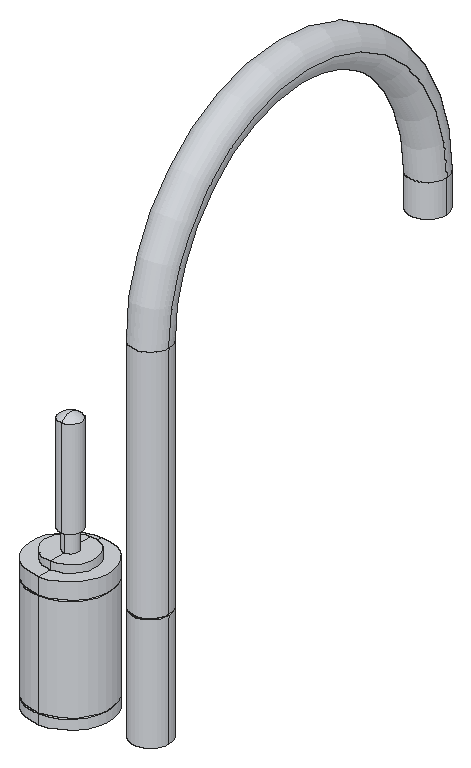
Revit family
Parameters
  Materiale = none
  Manufacturer = "Revit"
  Description = "Rubinetto Cucina"
  Assembly Code = ""
Reference planes
  plane 1 "Center (Front/Back)": y = 0
  plane 2: z = 0
  plane 3 "Center (Left/Right)": x = 0
  plane 4: x = -50.985
  plane 5: z = 73.393
Forms (mm)
  Sweep 1, solid, material <- "Materiale"
    path origin (0, 0, 0) x (0, 1, 0) y (0, 0, 1)
      loop
        arc (221.277, 226.379) -> (110.788, 336.868) -> (0.3, 226.379) r 110.488
        line (0.3, 226.379) -> (0.3, 0)
    profile origin (0, 0, 113.19) x (1, 0, 0) y (0, 1, 0)
      loop
        circle (0, 0.3) r 12
  Extrusion 2, solid, material <- "Materiale"
    sketch origin (0, 221.277, 226.379) x (1, 0, 0) y (0, -1, 0)
      loop
        circle (0, 0) r 12
    from 0 to 20.964
  Revolve 3, void
    sketch origin (0, 0, 0) x (0, -1, 0) y (0, 0, 1)
      loop
        line (-13.375, 73.393) -> (-11.408, 73.393) -> (-11.408, 74.315) -> (-13.375, 74.315) -> (-13.375, 73.393)
      axis (-0.3, 73.393) -> (-0.3, 74.393)
    angle from 0 to 360
  Revolve 4, solid
    sketch origin (-50.985, -52.018, 0) x (0, -1, 0) y (0, 0, 1)
      loop
        line (-77.614, 7.048) -> (-75.64, 7.048) -> (-75.64, 6.126) -> (-77.614, 6.126) -> (-77.614, 0) -> (-52.318, 0) -> (-52.318, 167.68)
        arc (-52.318, 167.68) -> (-56.183, 166.657) -> (-59.466, 164.376) r 11.534
        line (-59.466, 164.376) -> (-59.466, 101.816) -> (-57.101, 101.816) -> (-57.101, 89.427) -> (-68.42, 89.427) -> (-68.42, 84.643) -> (-77.614, 84.643) -> (-77.614, 74.315) -> (-75.64, 74.315) -> (-75.64, 73.393) -> (-77.614, 73.393) -> (-77.614, 7.048)
      axis (-52.318, 0) -> (-52.318, 167.68)
    angle from 0 to 360
Cuts and joins
  Revolve 3 cuts Sweep 1
  Revolve 3 cuts Extrusion 2
Dimensions and locks
  aligned and locked: Extrusion 2 sketch curve to Sweep 1  (x2)
